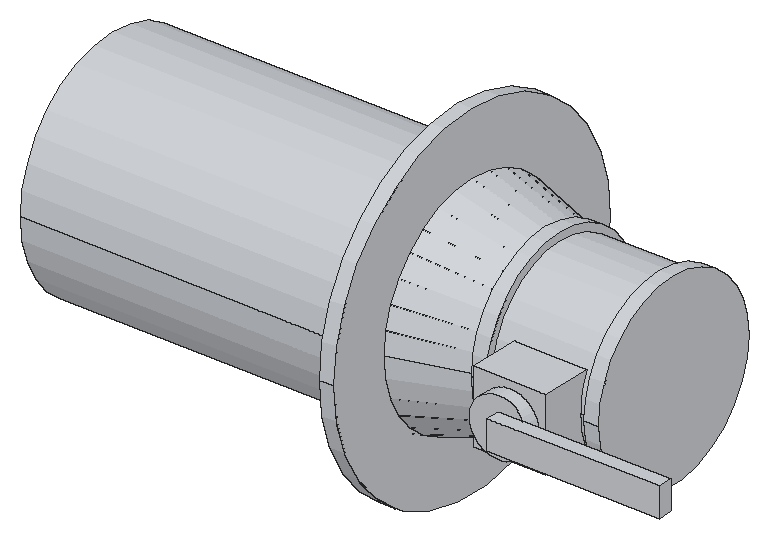
Revit family "55c78568f65a48cc95491e2fb778003a", category Duct Fittings, Revit 2021
Family settings
  Round Connector Dimension = Use Radius
  Part Type = Tap - Adjustable
  OmniClass Number = 23.75.70.14
  OmniClass Title = Air Ductwork
  Seek Item ID = Round Takeoff with Standoff Damper - Conical-0000-USA-ENU
  Work Plane-Based = No
  Always vertical = Yes
  Cut with Voids When Loaded = No
  Shared = No
Parameters (values of type "Standard")
  Radius 2 [instance] = Duct Radius 2 + 0' 0 1/4"  # 3 1/4"
  Height 1 [instance] = Duct Radius 2 + Standoff Height  # 4 1/2"
  built-in parameter 1114214 [instance] = 1' - 0"
  built-in parameter 1114213 [instance] = 0' - 9 1/2"
  built-in parameter 1114215 [instance] = if(Duct Diameter 2 > 3' 2", Duct Diameter 2 * 0.25, 0' 9 1/2")  # 0.79167 (stored number, unit not read)
  Standoff Width [instance] = 2 1/2"
  Standoff Height [instance] = 1 1/2"
  Radius 1 [instance] = Handle Width * 2  # 1"
  Length 1 [instance] = 1/2"
  Handle Width [instance] = 1/2"
  Handle Length [instance] = 6"
  Handle Height [instance] = 1"
  Half Width [instance] = Duct Radius 1 / 2  # 2"
  Stop Bead Radius [instance] = Duct Radius 1 + 0' 2"  # 6"
  Stop Bead Thickness [instance] = 1/2"
  Duct Diameter 2 [instance] = Duct Radius 2 * 2  # 6"
  Duct Radius 1 [instance] = 0' 1" + Duct Radius 2  # 4"
  Length 2 [instance] = [built-in parameter 1114213] * 0.35  # 3.325"
  Duct Radius 2 [instance] = 3"
  Duct Diameter 1 [instance] = Duct Radius 1 * 2  # 8"
  Default Elevation = 0' - 0"
  Assembly Code = ""
Reference planes (in)
  plane 1 "Center (Front/Back)": y = 0
  plane 2: z = 0
  plane 3 "Center (Left/Right)": x = 0
  plane 4: x = -12
  plane 5: x = 9.5
  plane 6: x = 0.5
  plane 7: x = 3.325
  plane 8: x = 5.4125
  plane 9: x = 7.5
  plane 10: y = -4.5
  plane 11: y = 3
Forms (in)
  Extrusion 1, solid, detail levels medium+fine
    sketch origin (0, 0, 0) x (0, 1, 0) y (0, 0, 1)
      loop
        circle (0, 0) r 3
    from 3.325 to 7.5
  Blend 2, solid, detail levels medium+fine
    base sketch origin (0, 0, 0) x (0, 1, 0) y (0, 0, 1)
      loop
        circle (0, 0) r 4
    top sketch origin (0, 0, 0) x (0, 1, 0) y (0, 0, 1)
      loop
        circle (0, 0) r 3
    from 0 to 3.325
  Extrusion 3, solid, detail levels medium+fine
    sketch origin (0, 0, 0) x (0, 1, 0) y (0, 0, 1)
      loop
        circle (0, 0) r 3.25
    from 3.075 to 3.575
  Extrusion 4, solid, detail levels medium+fine
    sketch origin (0, 0, 0) x (0, 1, 0) y (0, 0, 1)
      loop
        circle (0, 0) r 3.25
    from 7 to 7.5
  Blend 5, solid, detail levels medium+fine
    base sketch origin (0, 0, 0) x (0, 1, 0) y (0, 0, 1)
      loop
        circle (0, 0) r 4
    top sketch origin (0, 0, 0) x (0, 1, 0) y (0, 0, 1)
      loop
        circle (0, 0) r 3
    from 0 to 3.325
  Extrusion 6, solid, detail levels medium+fine
    sketch origin (0, 0, 0) x (0, 1, 0) y (0, 0, 1)
      loop
        circle (0, 0) r 4
    from -12 to 0
  Extrusion 7, solid, detail levels medium+fine
    sketch origin (0, 0, 0) x (0, 1, 0) y (0, 0, 1)
      loop
        circle (0, 0) r 6
    from 0 to 0.5
  Extrusion 8, solid, detail levels medium+fine
    sketch origin (0, 0, 0) x (1, 0, 0) y (0, 0, 1)
      loop
        line (4.1625, 1.25) -> (4.1625, -1.25) -> (6.6625, -1.25) -> (6.6625, 1.25) -> (4.1625, 1.25)
    from 0 to 4.5
  Extrusion 9, solid, detail levels medium+fine
    sketch origin (0, 0, 0) x (1, 0, 0) y (0, 0, 1)
      loop
        circle (5.4125, 0) r 1
    from 4.5 to 5
  Extrusion 10, solid, detail levels medium+fine
    sketch origin (0, 0, 0) x (1, 0, 0) y (0, 0, 1)
      loop
        line (5.4125, 0.5) -> (5.4125, -0.5) -> (11.4125, -0.5) -> (11.4125, 0.5) -> (5.4125, 0.5)
    from 5 to 5.5
Cuts and joins
  joined: Extrusion 1, Extrusion 3, Extrusion 4, Extrusion 8
  joined: Blend 2, Extrusion 7
Lines and regions (in)
  model lines, not visible, detail levels medium+fine
    curve 1: line (0, 0, 0) -> (9.5, 0, 0)
  model lines, detail levels coarse
    curve 2: line (5.4125, 3, 0) -> (5.4125, -5.5, 0)
    curve 3: line (5.4125, -5.5, 0) -> (11.4125, -5.5, 0)
Dimensions and locks (in)
  "built-in parameter 1114214": plane 4 to plane 3 "Center (Left/Right)"
  "built-in parameter 1114213": plane 3 "Center (Left/Right)" to plane 5
  "Stop Bead Thickness": plane 3 "Center (Left/Right)" to plane 6
  "Length 2": plane 3 "Center (Left/Right)" to plane 7
  locked: plane 9 to plane 5 at 2
  equal spacing: plane 7, plane 8, plane 9
  locked: Extrusion 3 to plane 7 at 0.25
  locked: plane 7 to Extrusion 3 at 0.25
  equal spacing: Extrusion 8 sketch curve, plane 8, Extrusion 8 sketch curve
  "Standoff Width": Extrusion 8 sketch curve to Extrusion 8 sketch curve  (x2)
  equal spacing: Extrusion 8 sketch curve, plane 2, Extrusion 8 sketch curve
  "Height 1": plane 1 "Center (Front/Back)" to plane 10
  "Length 1": Extrusion 9 to plane 10
  equal spacing: Extrusion 10 sketch curve, plane 2, Extrusion 10 sketch curve
  "Handle Height": Extrusion 10 sketch curve to Extrusion 10 sketch curve
  "Handle Length": plane 8 to Extrusion 10 sketch curve
  "Handle Width": Extrusion 10 to Extrusion 10
  "Duct Radius 2": plane 1 "Center (Front/Back)" to plane 11
  locked: Extrusion 4 to plane 9 at 0.5
  "Duct Radius 2": radius of Extrusion 1 sketch curve
  "Duct Radius 2": radius of Blend 2 sketch curve
  "Radius 2": radius of Extrusion 3 sketch curve
  "Radius 2": radius of Extrusion 4 sketch curve
  "Duct Radius 1": radius of Blend 2 sketch curve
  "Duct Radius 1": radius of Extrusion 6 sketch curve
  "Stop Bead Radius": radius of Extrusion 7 sketch curve
  "Radius 1": radius of Extrusion 9 sketch curve
  aligned and locked: plane 3 "Center (Left/Right)" to curve 1
  aligned and locked: plane 1 "Center (Front/Back)" to curve 1
  aligned and locked: plane 5 to curve 1
  aligned and locked: plane 2 to Extrusion 1 sketch curve
  aligned and locked: plane 1 "Center (Front/Back)" to Extrusion 1 sketch curve
  aligned and locked: Extrusion 1 to plane 7
  aligned and locked: plane 2 to Blend 2 sketch curve
  aligned and locked: plane 1 "Center (Front/Back)" to Blend 2 sketch curve  (x2)
  aligned and locked: Blend 2 to plane 3 "Center (Left/Right)"
  aligned and locked: plane 7 to Blend 2
  aligned and locked: plane 2 to Extrusion 3 sketch curve
  aligned and locked: plane 1 "Center (Front/Back)" to Extrusion 3 sketch curve
  aligned and locked: plane 2 to Extrusion 4 sketch curve
  aligned and locked: plane 1 "Center (Front/Back)" to Extrusion 4 sketch curve
  aligned and locked: level to Blend 2 sketch curve
  aligned and locked: plane 2 to Blend 5 sketch curve  (x2)
  aligned and locked: plane 1 "Center (Front/Back)" to Blend 5 sketch curve  (x2)
  aligned and locked: Blend 5 to plane 3 "Center (Left/Right)"
  aligned and locked: plane 7 to Blend 5
  aligned and locked: plane 2 to Extrusion 6 sketch curve
  aligned and locked: plane 1 "Center (Front/Back)" to Extrusion 6 sketch curve
  aligned and locked: Extrusion 6 to plane 4
  aligned and locked: plane 3 "Center (Left/Right)" to Extrusion 6
  aligned and locked: plane 2 to Extrusion 7 sketch curve
  aligned and locked: plane 1 "Center (Front/Back)" to Extrusion 7 sketch curve
  aligned and locked: Extrusion 7 to plane 3 "Center (Left/Right)"
  aligned and locked: plane 6 to Extrusion 7
  aligned and locked: Extrusion 8 to plane 1 "Center (Front/Back)"
  aligned and locked: Extrusion 8 to plane 10
  aligned and locked: plane 2 to Extrusion 9 sketch curve
  aligned and locked: plane 8 to Extrusion 9 sketch curve
  aligned and locked: plane 10 to Extrusion 9
  aligned and locked: plane 8 to Extrusion 10 sketch curve
  aligned and locked: Extrusion 10 to Extrusion 9
  aligned and locked: curve 2 to plane 8
  aligned and locked: curve 3 to Extrusion 10  (x2)
  aligned and locked: plane 11 to curve 2
  aligned and locked: plane 9 to Extrusion 4
  aligned and locked: plane 9 to cut or joined group of Extrusion 1, Extrusion 3, Extrusion 4, Extrusion 8
Automatic sketch dimensions
  radius of Blend 5 sketch curve = 0' - 4"
  radius of Blend 5 sketch curve = 0' - 3"
Connectors (in)
  hvac at (0, 0, 0), driven by "Duct Radius 2"
    settings: on Blend 2, index 1, duct flow 0 CFM, flow factor 0, pres drop 0.00 in-wg, loss coef 0, conn angle 0.00°, conn width 12", conn height 12", conn diameter 6", duct sys type 28, conn prof type 0, flow config 0, flow direction 0, loss method 0, conn ref index 2, conn util no, is conn primary yes, conn desc ""
  hvac at (7.5, 0, 0), driven by "Duct Radius 2"
    settings: on cut or joined group of Extrusion 1, Extrusion 3, Extrusion 4, Extrusion 8, index 2, duct flow 0 CFM, flow factor 0, pres drop 0.00 in-wg, loss coef 0, conn angle 0.00°, conn width 12", conn height 12", conn diameter 6", duct sys type 28, conn prof type 0, flow config 0, flow direction 0, loss method 0, conn ref index 1, conn util no, is conn primary no, conn desc ""
